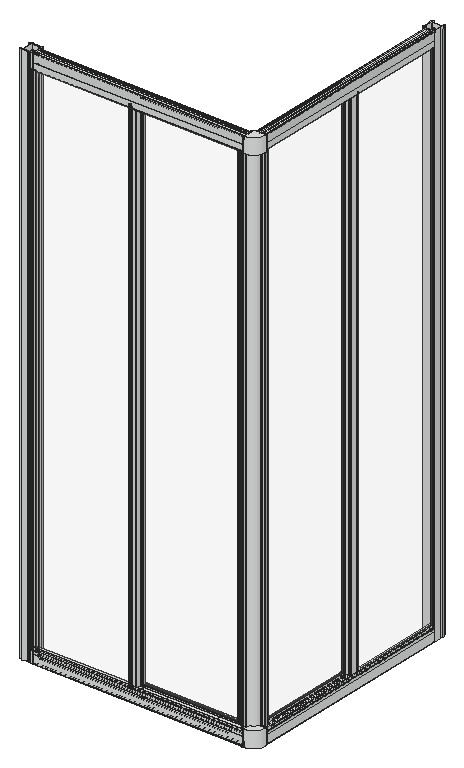
Revit family "Shower-Shower_Door-KOHLER-ODEON-K-17117T_1", category Specialty Equipment, host Face, Revit 2017 (continued)
Definition of nested family "K-17117T"
  Forms (in)
    Extrusion 20, solid, material <- "Material", detail levels medium+fine
      sketch origin (-33.07619, -0.88728, 0) x (-1, 0, 0) y (0, -1, 0)
        loop
          arc (-3.01732, -1.1886) -> (-3.00208, -1.19491) -> (-2.99577, -1.21014) r 0.02155
          line (-2.99577, -1.21014) -> (-2.99577, -1.32189)
          arc (-2.99577, -1.32189) -> (-3.0017, -1.33621) -> (-3.01602, -1.34214) r 0.02025
          line (-3.01602, -1.34214) -> (-3.31737, -1.34214)
          arc (-3.31737, -1.34214) -> (-3.35276, -1.33704) -> (-3.38527, -1.32216) r 0.12538
          arc (-3.38527, -1.32216) -> (-3.36904, -1.39363) -> (-3.33141, -1.45653) r 0.233
          arc (-3.33141, -1.45653) -> (-3.31597, -1.46068) -> (-3.30679, -1.44759) r 0.01393
          line (-3.30679, -1.44759) -> (-3.30679, -1.39971)
          arc (-3.30679, -1.39971) -> (-3.30031, -1.38406) -> (-3.28466, -1.37757) r 0.02214
          line (-3.28466, -1.37757) -> (-3.22599, -1.37757) -> (-3.24631, -1.42861) -> (-3.18475, -1.37757) -> (-3.13357, -1.37757) -> (-3.15296, -1.42629) -> (-3.0942, -1.37757) -> (-3.04489, -1.37757) -> (-3.0652, -1.42861) -> (-3.00365, -1.37757) -> (-2.96034, -1.37757) -> (-2.96034, -1.15316)
      from 1.48425 to 71.33858
    Extrusion 21, solid, material <- "Material", detail levels medium+fine
      sketch origin (-1.62598, 13.73731, 0) x (0, -1, 0) y (1, 0, 0)
        loop
          line (-2.96034, 1.15316) -> (-2.96034, 1.37757) -> (-3.00365, 1.37757) -> (-3.0652, 1.42861) -> (-3.04489, 1.37757) -> (-3.0942, 1.37757) -> (-3.15296, 1.42629) -> (-3.13357, 1.37757) -> (-3.18475, 1.37757) -> (-3.24631, 1.42861) -> (-3.22599, 1.37757) -> (-3.28466, 1.37757)
          arc (-3.28466, 1.37757) -> (-3.30031, 1.38406) -> (-3.30679, 1.39971) r 0.02214
          line (-3.30679, 1.39971) -> (-3.30679, 1.44759)
          arc (-3.30679, 1.44759) -> (-3.31597, 1.46068) -> (-3.33141, 1.45653) r 0.01393
          arc (-3.33141, 1.45653) -> (-3.36904, 1.39363) -> (-3.38527, 1.32216) r 0.233
          arc (-3.38527, 1.32216) -> (-3.35276, 1.33704) -> (-3.31737, 1.34214) r 0.12538
          line (-3.31737, 1.34214) -> (-3.01602, 1.34214)
          arc (-3.01602, 1.34214) -> (-3.0017, 1.33621) -> (-2.99577, 1.32189) r 0.02025
          line (-2.99577, 1.32189) -> (-2.99577, 1.21014)
          arc (-2.99577, 1.21014) -> (-3.00208, 1.19491) -> (-3.01732, 1.1886) r 0.02155
          line (-3.01732, 1.1886) -> (-3.31737, 1.1886)
          arc (-3.31737, 1.1886) -> (-3.35276, 1.19369) -> (-3.38527, 1.20857) r 0.12538
          arc (-3.38527, 1.20857) -> (-3.36904, 1.1371) -> (-3.33141, 1.0742) r 0.233
          arc (-3.33141, 1.0742) -> (-3.31597, 1.07005) -> (-3.30679, 1.08315) r 0.01393
          line (-3.30679, 1.08315) -> (-3.30679, 1.13103)
          arc (-3.30679, 1.13103) -> (-3.30031, 1.14668) -> (-3.28466, 1.15316) r 0.02214
          line (-3.28466, 1.15316) -> (-3.22599, 1.15316) -> (-3.24631, 1.10213) -> (-3.18475, 1.15316) -> (-3.13357, 1.15316) -> (-3.15296, 1.10444) -> (-3.0942, 1.15316) -> (-3.04489, 1.15316) -> (-3.0652, 1.10213) -> (-3.00365, 1.15316) -> (-2.96034, 1.15316)
      from 1.48425 to 71.33858
    Extrusion 22, solid
      sketch origin (-1.62531, 13.73731, 0) x (0, -1, 0) y (1, 0, 0)
        loop
          line (-16.32254, 1.34411) -> (-16.36191, 1.30474) -> (-16.36191, 1.226) -> (-16.32254, 1.18663) -> (-3.03514, 1.18663) -> (-2.99577, 1.226) -> (-2.99577, 1.30474) -> (-3.03514, 1.34411) -> (-16.32254, 1.34411)
      from 1.48354 to 71.34646
    Extrusion 23, solid, material <- "Material", detail levels medium+fine
      sketch origin (0.90598, 33.09491, 0) x (0, 1, 0) y (-1, 0, 0)
        loop
          line (-2.96034, 1.15316) -> (-2.96034, 1.37757) -> (-3.00365, 1.37757) -> (-3.0652, 1.42861) -> (-3.04489, 1.37757) -> (-3.0942, 1.37757) -> (-3.15296, 1.42629) -> (-3.13357, 1.37757) -> (-3.18475, 1.37757) -> (-3.24631, 1.42861) -> (-3.22599, 1.37757) -> (-3.28466, 1.37757)
          arc (-3.28466, 1.37757) -> (-3.30031, 1.38406) -> (-3.30679, 1.39971) r 0.02214
          line (-3.30679, 1.39971) -> (-3.30679, 1.44759)
          arc (-3.30679, 1.44759) -> (-3.31597, 1.46068) -> (-3.33141, 1.45653) r 0.01393
          arc (-3.33141, 1.45653) -> (-3.36904, 1.39363) -> (-3.38527, 1.32216) r 0.233
          arc (-3.38527, 1.32216) -> (-3.35276, 1.33704) -> (-3.31737, 1.34214) r 0.12538
          line (-3.31737, 1.34214) -> (-3.01602, 1.34214)
          arc (-3.01602, 1.34214) -> (-3.0017, 1.33621) -> (-2.99577, 1.32189) r 0.02025
          line (-2.99577, 1.32189) -> (-2.99577, 1.21014)
          arc (-2.99577, 1.21014) -> (-3.00208, 1.19491) -> (-3.01732, 1.1886) r 0.02155
          line (-3.01732, 1.1886) -> (-3.31737, 1.1886)
          arc (-3.31737, 1.1886) -> (-3.35276, 1.19369) -> (-3.38527, 1.20857) r 0.12538
          arc (-3.38527, 1.20857) -> (-3.36904, 1.1371) -> (-3.33141, 1.0742) r 0.233
          arc (-3.33141, 1.0742) -> (-3.31597, 1.07005) -> (-3.30679, 1.08315) r 0.01393
          line (-3.30679, 1.08315) -> (-3.30679, 1.13103)
          arc (-3.30679, 1.13103) -> (-3.30031, 1.14668) -> (-3.28466, 1.15316) r 0.02214
          line (-3.28466, 1.15316) -> (-3.22599, 1.15316) -> (-3.24631, 1.10213) -> (-3.18475, 1.15316) -> (-3.13357, 1.15316) -> (-3.15296, 1.10444) -> (-3.0942, 1.15316) -> (-3.04489, 1.15316) -> (-3.0652, 1.10213) -> (-3.00365, 1.15316) -> (-2.96034, 1.15316)
      from 1.48425 to 71.33858
    Extrusion 24, solid, material <- "Material", detail levels medium+fine
      sketch origin (-2.51259, 0.01881, 0) x (0, -1, 0) y (1, 0, 0)
        loop
          line (-2.96034, 1.15316) -> (-2.96034, 1.37757) -> (-3.00365, 1.37757) -> (-3.0652, 1.42861) -> (-3.04489, 1.37757) -> (-3.0942, 1.37757) -> (-3.15296, 1.42629) -> (-3.13357, 1.37757) -> (-3.18475, 1.37757) -> (-3.24631, 1.42861) -> (-3.22599, 1.37757) -> (-3.28466, 1.37757)
          arc (-3.28466, 1.37757) -> (-3.30031, 1.38406) -> (-3.30679, 1.39971) r 0.02214
          line (-3.30679, 1.39971) -> (-3.30679, 1.44759)
          arc (-3.30679, 1.44759) -> (-3.31597, 1.46068) -> (-3.33141, 1.45653) r 0.01393
          arc (-3.33141, 1.45653) -> (-3.36904, 1.39363) -> (-3.38527, 1.32216) r 0.233
          arc (-3.38527, 1.32216) -> (-3.35276, 1.33704) -> (-3.31737, 1.34214) r 0.12538
          line (-3.31737, 1.34214) -> (-3.01602, 1.34214)
          arc (-3.01602, 1.34214) -> (-3.0017, 1.33621) -> (-2.99577, 1.32189) r 0.02025
          line (-2.99577, 1.32189) -> (-2.99577, 1.21014)
          arc (-2.99577, 1.21014) -> (-3.00208, 1.19491) -> (-3.01732, 1.1886) r 0.02155
          line (-3.01732, 1.1886) -> (-3.31737, 1.1886)
          arc (-3.31737, 1.1886) -> (-3.35276, 1.19369) -> (-3.38527, 1.20857) r 0.12538
          arc (-3.38527, 1.20857) -> (-3.36904, 1.1371) -> (-3.33141, 1.0742) r 0.233
          arc (-3.33141, 1.0742) -> (-3.31597, 1.07005) -> (-3.30679, 1.08315) r 0.01393
          line (-3.30679, 1.08315) -> (-3.30679, 1.13103)
          arc (-3.30679, 1.13103) -> (-3.30031, 1.14668) -> (-3.28466, 1.15316) r 0.02214
          line (-3.28466, 1.15316) -> (-3.22599, 1.15316) -> (-3.24631, 1.10213) -> (-3.18475, 1.15316) -> (-3.13357, 1.15316) -> (-3.15296, 1.10444) -> (-3.0942, 1.15316) -> (-3.04489, 1.15316) -> (-3.0652, 1.10213) -> (-3.00365, 1.15316) -> (-2.96034, 1.15316)
      from 1.48425 to 71.53543
    Extrusion 25, solid
      sketch origin (-2.51193, 0.01881, 0) x (0, -1, 0) y (1, 0, 0)
        loop
          line (-16.32254, 1.34411) -> (-16.36191, 1.30474) -> (-16.36191, 1.226) -> (-16.32254, 1.18663) -> (-3.03514, 1.18663) -> (-2.99577, 1.226) -> (-2.99577, 1.30474) -> (-3.03514, 1.34411) -> (-16.32254, 1.34411)
      from 1.48425 to 71.53543
    Extrusion 26, solid, material <- "Material", detail levels medium+fine
      sketch origin (0.01911, 19.37641, 0) x (0, 1, 0) y (-1, 0, 0)
        loop
          line (-2.96034, 1.15316) -> (-2.96034, 1.37757) -> (-3.00365, 1.37757) -> (-3.0652, 1.42861) -> (-3.04489, 1.37757) -> (-3.0942, 1.37757) -> (-3.15296, 1.42629) -> (-3.13357, 1.37757) -> (-3.18475, 1.37757) -> (-3.24631, 1.42861) -> (-3.22599, 1.37757) -> (-3.28466, 1.37757)
          arc (-3.28466, 1.37757) -> (-3.30031, 1.38406) -> (-3.30679, 1.39971) r 0.02214
          line (-3.30679, 1.39971) -> (-3.30679, 1.44759)
          arc (-3.30679, 1.44759) -> (-3.31597, 1.46068) -> (-3.33141, 1.45653) r 0.01393
          arc (-3.33141, 1.45653) -> (-3.36904, 1.39363) -> (-3.38527, 1.32216) r 0.233
          arc (-3.38527, 1.32216) -> (-3.35276, 1.33704) -> (-3.31737, 1.34214) r 0.12538
          line (-3.31737, 1.34214) -> (-3.01602, 1.34214)
          arc (-3.01602, 1.34214) -> (-3.0017, 1.33621) -> (-2.99577, 1.32189) r 0.02025
          line (-2.99577, 1.32189) -> (-2.99577, 1.21014)
          arc (-2.99577, 1.21014) -> (-3.00208, 1.19491) -> (-3.01732, 1.1886) r 0.02155
          line (-3.01732, 1.1886) -> (-3.31737, 1.1886)
          arc (-3.31737, 1.1886) -> (-3.35276, 1.19369) -> (-3.38527, 1.20857) r 0.12538
          arc (-3.38527, 1.20857) -> (-3.36904, 1.1371) -> (-3.33141, 1.0742) r 0.233
          arc (-3.33141, 1.0742) -> (-3.31597, 1.07005) -> (-3.30679, 1.08315) r 0.01393
          line (-3.30679, 1.08315) -> (-3.30679, 1.13103)
          arc (-3.30679, 1.13103) -> (-3.30031, 1.14668) -> (-3.28466, 1.15316) r 0.02214
          line (-3.28466, 1.15316) -> (-3.22599, 1.15316) -> (-3.24631, 1.10213) -> (-3.18475, 1.15316) -> (-3.13357, 1.15316) -> (-3.15296, 1.10444) -> (-3.0942, 1.15316) -> (-3.04489, 1.15316) -> (-3.0652, 1.10213) -> (-3.00365, 1.15316) -> (-2.96034, 1.15316)
      from 1.48354 to 71.53543
    Extrusion 27, solid, material <- "Material", detail levels medium+fine
      sketch origin (0, 0, 0) x (0, 1, 0) y (0, 0, 1)
        loop
          line (1.39923, 1.88976) -> (1.43466, 1.88976) -> (1.39923, 1.82839) -> (1.43466, 1.82839) -> (1.39923, 1.76702) -> (1.43466, 1.76702) -> (1.39923, 1.70565) -> (1.43466, 1.70565) -> (1.39923, 1.64428) -> (1.43506, 1.64428) -> (1.43506, 1.59414)
          arc (1.43506, 1.59414) -> (1.42193, 1.56318) -> (1.39055, 1.55109) r 0.04307
          arc (1.39055, 1.55109) -> (1.37504, 1.57259) -> (1.35579, 1.59081) r 0.14136
          arc (1.35579, 1.59081) -> (1.31297, 1.58464) -> (1.32101, 1.54213) r 0.02994
          arc (1.32101, 1.54213) -> (1.26837, 1.39786) -> (1.21675, 1.54251) r 0.08163
          arc (1.21675, 1.54251) -> (1.22082, 1.58454) -> (1.17878, 1.5886) r 0.02986
          arc (1.17878, 1.5886) -> (1.16144, 1.57162) -> (1.14726, 1.55192) r 0.14136
          arc (1.14726, 1.55192) -> (1.11147, 1.56081) -> (1.09568, 1.59414) r 0.04307
          line (1.09568, 1.59414) -> (1.09568, 1.64428) -> (1.13151, 1.64428) -> (1.09608, 1.70565) -> (1.13151, 1.70565) -> (1.09608, 1.76702) -> (1.13151, 1.76702) -> (1.09608, 1.82839) -> (1.13151, 1.82839) -> (1.09608, 1.88976) -> (1.13151, 1.88976) -> (1.13151, 1.94882) -> (1.07773, 1.94882)
          arc (1.07773, 1.94882) -> (1.05452, 1.93872) -> (1.0461, 1.91486) r 0.03171
          arc (1.0461, 1.91486) -> (1.05658, 1.61964) -> (1.04609, 1.32442) r 4.16144
          arc (1.04609, 1.32442) -> (1.07046, 1.28483) -> (1.11576, 1.29528) r 0.03985
          line (1.11576, 1.29528) -> (1.11576, 1.40956)
          arc (1.11576, 1.40956) -> (1.11907, 1.43513) -> (1.12879, 1.45901) r 0.10035
          arc (1.12879, 1.45901) -> (1.26959, 1.33814) -> (1.40878, 1.46087) r 0.14136
          arc (1.40878, 1.46087) -> (1.41342, 1.4354) -> (1.41497, 1.40956) r 0.21574
          line (1.41497, 1.40956) -> (1.41497, 0.94082)
          arc (1.41497, 0.94082) -> (1.4071, 0.91999) -> (1.38741, 0.90957) r 0.0315
          line (1.38741, 0.90957) -> (1.38741, 0.24003)
          arc (1.38741, 0.24003) -> (1.4071, 0.22962) -> (1.41497, 0.20878) r 0.0315
          line (1.41497, 0.20878) -> (1.41497, 0.16333)
          arc (1.41497, 0.16333) -> (1.45041, 0.1279) -> (1.48584, 0.16333) r 0.03543
          line (1.48584, 0.16333) -> (1.48584, 1.30808)
          arc (1.48584, 1.30808) -> (1.47416, 1.61145) -> (1.48464, 1.91486) r 4.16144
          arc (1.48464, 1.91486) -> (1.47621, 1.93872) -> (1.45301, 1.94882) r 0.03171
          line (1.45301, 1.94882) -> (1.39923, 1.94882) -> (1.39923, 1.88976)
      from -16.17722 to -3.24183
    Extrusion 28, solid, material <- "Material", detail levels medium+fine
      sketch origin (0.01881, 0, 0) x (-1, 0, 0) y (0, 0, -1)
        loop
          line (1.39923, -1.88976) -> (1.39923, -1.94882) -> (1.45301, -1.94882)
          arc (1.45301, -1.94882) -> (1.47621, -1.93872) -> (1.48464, -1.91486) r 0.03171
          arc (1.48464, -1.91486) -> (1.47416, -1.61145) -> (1.48584, -1.30808) r 4.16144
          line (1.48584, -1.30808) -> (1.48584, -0.16333)
          arc (1.48584, -0.16333) -> (1.45041, -0.1279) -> (1.41497, -0.16333) r 0.03543
          line (1.41497, -0.16333) -> (1.41497, -0.20878)
          arc (1.41497, -0.20878) -> (1.4071, -0.22962) -> (1.38741, -0.24003) r 0.0315
          line (1.38741, -0.24003) -> (1.38741, -0.90957)
          arc (1.38741, -0.90957) -> (1.4071, -0.91999) -> (1.41497, -0.94082) r 0.0315
          line (1.41497, -0.94082) -> (1.41497, -1.40956)
          arc (1.41497, -1.40956) -> (1.41342, -1.4354) -> (1.40878, -1.46087) r 0.21574
          arc (1.40878, -1.46087) -> (1.26959, -1.33814) -> (1.12879, -1.45901) r 0.14136
          arc (1.12879, -1.45901) -> (1.11907, -1.43513) -> (1.11576, -1.40956) r 0.10035
          line (1.11576, -1.40956) -> (1.11576, -1.29528)
          arc (1.11576, -1.29528) -> (1.07046, -1.28483) -> (1.04609, -1.32442) r 0.03985
          arc (1.04609, -1.32442) -> (1.05658, -1.61964) -> (1.0461, -1.91486) r 4.16144
          arc (1.0461, -1.91486) -> (1.05452, -1.93872) -> (1.07773, -1.94882) r 0.03171
          line (1.07773, -1.94882) -> (1.13151, -1.94882) -> (1.13151, -1.88976) -> (1.09608, -1.88976) -> (1.13151, -1.82839) -> (1.09608, -1.82839) -> (1.13151, -1.76702) -> (1.09608, -1.76702) -> (1.13151, -1.70565) -> (1.09608, -1.70565) -> (1.13151, -1.64428) -> (1.09568, -1.64428) -> (1.09568, -1.59414)
          arc (1.09568, -1.59414) -> (1.11147, -1.56081) -> (1.14726, -1.55192) r 0.04307
          arc (1.14726, -1.55192) -> (1.16144, -1.57162) -> (1.17878, -1.5886) r 0.14136
          arc (1.17878, -1.5886) -> (1.22082, -1.58454) -> (1.21675, -1.54251) r 0.02986
          arc (1.21675, -1.54251) -> (1.26837, -1.39786) -> (1.32101, -1.54213) r 0.08163
          arc (1.32101, -1.54213) -> (1.31297, -1.58464) -> (1.35579, -1.59081) r 0.02994
          arc (1.35579, -1.59081) -> (1.37504, -1.57259) -> (1.39055, -1.55109) r 0.14136
          arc (1.39055, -1.55109) -> (1.42193, -1.56318) -> (1.43506, -1.59414) r 0.04307
          line (1.43506, -1.59414) -> (1.43506, -1.64428) -> (1.39923, -1.64428) -> (1.43466, -1.70565) -> (1.39923, -1.70565) -> (1.43466, -1.76702) -> (1.39923, -1.76702) -> (1.43466, -1.82839) -> (1.39923, -1.82839) -> (1.43466, -1.88976) -> (1.39923, -1.88976)
      from -16.11335 to -3.3197
    Extrusion 29, solid, material <- "Material"
      sketch origin (0, 0, -70.78663) x (0, -1, 0) y (1, 0, 0)
        loop
          line (-1.72324, -1.24971) -> (-1.72324, -1.36991)
          arc (-1.72324, -1.36991) -> (-1.71595, -1.3875) -> (-1.69836, -1.39479) r 0.02488
          line (-1.69836, -1.39479) -> (-1.6445, -1.39479)
          arc (-1.6445, -1.39479) -> (-1.48123, -1.46242) -> (-1.4136, -1.62569) r 0.2309
          line (-1.4136, -1.62569) -> (-1.4136, -1.68081)
          arc (-1.4136, -1.68081) -> (-1.40668, -1.69751) -> (-1.38998, -1.70443) r 0.02362
          line (-1.38998, -1.70443) -> (-1.26852, -1.70443) -> (-1.26852, -1.62569) -> (-0.06147, -1.62569) -> (-0.06147, -1.70443) -> (-0.0277, -1.70443)
          arc (-0.0277, -1.70443) -> (-0.00685, -1.69598) -> (0.00223, -1.67539) r 0.02994
          arc (0.00223, -1.67539) -> (-0.48184, -0.45847) -> (-1.70065, 0.02083) r 1.64748
          arc (-1.70065, 0.02083) -> (-1.71533, 0.01431) -> (-1.72134, -0.00058) r 0.02142
          line (-1.72134, -0.00058) -> (-1.72134, -0.03958) -> (-1.6445, -0.03958) -> (-1.6445, -1.24971) -> (-1.72324, -1.24971)
      from 70.78663 to 72.83465
    Extrusion 30, solid, material <- "Material", detail levels medium+fine
      sketch origin (0, 0, 0) x (0, 1, 0) y (0, 0, 1)
        loop
          line (1.43741, 72.38583) -> (0.89033, 72.38583)
          arc (0.89033, 72.38583) -> (0.84011, 72.36502) -> (0.8193, 72.3148) r 0.07103
          line (0.8193, 72.3148) -> (0.8193, 72.00787)
          arc (0.8193, 72.00787) -> (0.8443, 71.98287) -> (0.8693, 72.00787) r 0.025
          line (0.8693, 72.00787) -> (0.8693, 72.30433)
          arc (0.8693, 72.30433) -> (0.87853, 72.3266) -> (0.9008, 72.33583) r 0.0315
          line (0.9008, 72.33583) -> (1.42678, 72.33583)
          arc (1.42678, 72.33583) -> (1.46854, 72.31853) -> (1.48584, 72.27677) r 0.05906
          line (1.48584, 72.27677) -> (1.48584, 71.55118) -> (1.41104, 71.55118) -> (1.41104, 71.50118) -> (1.53584, 71.50118) -> (1.53584, 72.2874)
          arc (1.53584, 72.2874) -> (1.50701, 72.357) -> (1.43741, 72.38583) r 0.09843
      from -16.05679 to -3.30709
    Extrusion 31, solid, material <- "Material", detail levels medium+fine
      sketch origin (0, 0, 0) x (1, 0, 0) y (0, 0, 1)
        loop
          arc (-1.41861, 72.38583) -> (-1.4882, 72.357) -> (-1.51703, 72.2874) r 0.09843
          line (-1.51703, 72.2874) -> (-1.51703, 71.50118) -> (-1.39223, 71.50118) -> (-1.39223, 71.55118) -> (-1.46703, 71.55118) -> (-1.46703, 72.27677)
          arc (-1.46703, 72.27677) -> (-1.44973, 72.31853) -> (-1.40798, 72.33583) r 0.05906
          line (-1.40798, 72.33583) -> (-0.88199, 72.33583)
          arc (-0.88199, 72.33583) -> (-0.85972, 72.3266) -> (-0.8505, 72.30433) r 0.0315
          line (-0.8505, 72.30433) -> (-0.8505, 72.00787)
          arc (-0.8505, 72.00787) -> (-0.8255, 71.98287) -> (-0.8005, 72.00787) r 0.025
          line (-0.8005, 72.00787) -> (-0.8005, 72.3148)
          arc (-0.8005, 72.3148) -> (-0.8213, 72.36502) -> (-0.87152, 72.38583) r 0.07103
          line (-0.87152, 72.38583) -> (-1.41861, 72.38583)
      from -3.3197 to -15.9949
    Extrusion 32, solid, material <- "Material", detail levels medium+fine
      sketch origin (0, 0, 0) x (0, 1, 0) y (0, 0, 1)
        loop
          arc (1.43741, 0.44417) -> (1.50701, 0.473) -> (1.53584, 0.5426) r 0.09843
          line (1.53584, 0.5426) -> (1.53584, 1.32882) -> (1.41104, 1.32882) -> (1.41104, 1.27882) -> (1.48584, 1.27882) -> (1.48584, 0.55323)
          arc (1.48584, 0.55323) -> (1.46854, 0.51147) -> (1.42678, 0.49417) r 0.05906
          line (1.42678, 0.49417) -> (0.9008, 0.49417)
          arc (0.9008, 0.49417) -> (0.87853, 0.5034) -> (0.8693, 0.52567) r 0.0315
          line (0.8693, 0.52567) -> (0.8693, 0.82213)
          arc (0.8693, 0.82213) -> (0.8443, 0.84713) -> (0.8193, 0.82213) r 0.025
          line (0.8193, 0.82213) -> (0.8193, 0.5152)
          arc (0.8193, 0.5152) -> (0.84011, 0.46498) -> (0.89033, 0.44417) r 0.07103
          line (0.89033, 0.44417) -> (1.43741, 0.44417)
      from -16.17722 to -3.24183
    Extrusion 33, solid, material <- "Material", detail levels medium+fine
      sketch origin (0, 0, 0) x (1, 0, 0) y (0, 0, 1)
        loop
          line (-1.41861, 0.44417) -> (-0.87152, 0.44417)
          arc (-0.87152, 0.44417) -> (-0.8213, 0.46498) -> (-0.8005, 0.5152) r 0.07103
          line (-0.8005, 0.5152) -> (-0.8005, 0.82213)
          arc (-0.8005, 0.82213) -> (-0.8255, 0.84713) -> (-0.8505, 0.82213) r 0.025
          line (-0.8505, 0.82213) -> (-0.8505, 0.52567)
          arc (-0.8505, 0.52567) -> (-0.85972, 0.5034) -> (-0.88199, 0.49417) r 0.0315
          line (-0.88199, 0.49417) -> (-1.40798, 0.49417)
          arc (-1.40798, 0.49417) -> (-1.44973, 0.51147) -> (-1.46703, 0.55323) r 0.05906
          line (-1.46703, 0.55323) -> (-1.46703, 1.27882) -> (-1.39223, 1.27882) -> (-1.39223, 1.32882) -> (-1.51703, 1.32882) -> (-1.51703, 0.5426)
          arc (-1.51703, 0.5426) -> (-1.4882, 0.473) -> (-1.41861, 0.44417) r 0.09843
      from -16.11335 to -3.3197
    Extrusion 34, solid, material <- "Material", detail levels coarse
      sketch origin (0, 0, 0) x (0, 1, 0) y (0, 0, 1)
        loop
          line (0.07602, 72.83465) -> (0.07602, 70.79114) -> (1.36986, 70.79114) -> (1.36986, 72.83465) -> (0.07602, 72.83465)
      from -29.77591 to -1.62569
    Extrusion 35, solid, material <- "Material", detail levels coarse
      sketch origin (0.0182, 0.03062, 0) x (0, -1, 0) y (1, 0, 0)
        loop
          line (-1.57845, -29.84332) -> (-0.09026, -29.84332) -> (-0.09026, -31.21825)
          arc (-0.09026, -31.21825) -> (-0.05385, -31.25358) -> (-0.01962, -31.21613) r 0.03535
          line (-0.01962, -31.21613) -> (-0.01962, -29.84829)
          arc (-0.01962, -29.84829) -> (-0.02344, -29.81149) -> (-0.0561, -29.79411) r 0.03937
          line (-0.0561, -29.79411) -> (-1.61261, -29.79411)
          arc (-1.61261, -29.79411) -> (-1.64137, -29.80659) -> (-1.65189, -29.83613) r 0.03937
          line (-1.65189, -29.83613) -> (-1.65189, -31.21825)
          arc (-1.65189, -31.21825) -> (-1.61517, -31.25497) -> (-1.57845, -31.21825) r 0.03672
          line (-1.57845, -31.21825) -> (-1.57845, -29.84332)
        loop
          line (-0.15916, -31.14056) -> (-1.48593, -31.14056)
          arc (-1.48593, -31.14056) -> (-1.49985, -31.1348) -> (-1.50561, -31.12088) r 0.01969
          line (-1.50561, -31.12088) -> (-1.50561, -30.16123)
          arc (-1.50561, -30.16123) -> (-1.53022, -30.13663) -> (-1.55483, -30.16123) r 0.02461
          line (-1.55483, -30.16123) -> (-1.55483, -31.5136)
          arc (-1.55483, -31.5136) -> (-1.53022, -31.5382) -> (-1.50561, -31.5136) r 0.02461
          line (-1.50561, -31.5136) -> (-1.50561, -31.20946)
          arc (-1.50561, -31.20946) -> (-1.49985, -31.19554) -> (-1.48593, -31.18978) r 0.01969
          line (-1.48593, -31.18978) -> (-0.15916, -31.18978)
          arc (-0.15916, -31.18978) -> (-0.14524, -31.19554) -> (-0.13947, -31.20946) r 0.01969
          line (-0.13947, -31.20946) -> (-0.13947, -31.5136)
          arc (-0.13947, -31.5136) -> (-0.12409, -31.52897) -> (-0.10871, -31.5136) r 0.01538
          line (-0.10871, -31.5136) -> (-0.10871, -30.56281)
          arc (-0.10871, -30.56281) -> (-0.12409, -30.54743) -> (-0.13947, -30.56281) r 0.01538
          line (-0.13947, -30.56281) -> (-0.13947, -31.12088)
          arc (-0.13947, -31.12088) -> (-0.14524, -31.1348) -> (-0.15916, -31.14056) r 0.01969
      from 0 to 72.83
    Extrusion 36, solid, material <- "Material", detail levels coarse
      sketch origin (-0.03064, -0.01817, 0) x (0.999999, -0.001002, 0) y (0.001002, 0.999999, 0)
        loop
          line (-1.57845, 29.84332) -> (-1.57845, 31.21825)
          arc (-1.57845, 31.21825) -> (-1.61517, 31.25497) -> (-1.65189, 31.21825) r 0.03672
          line (-1.65189, 31.21825) -> (-1.65189, 29.83613)
          arc (-1.65189, 29.83613) -> (-1.64137, 29.80659) -> (-1.61261, 29.79411) r 0.03937
          line (-1.61261, 29.79411) -> (-0.0561, 29.79411)
          arc (-0.0561, 29.79411) -> (-0.02344, 29.81149) -> (-0.01962, 29.84829) r 0.03937
          line (-0.01962, 29.84829) -> (-0.01962, 31.21613)
          arc (-0.01962, 31.21613) -> (-0.05385, 31.25358) -> (-0.09026, 31.21825) r 0.03535
          line (-0.09026, 31.21825) -> (-0.09026, 29.84332) -> (-1.57845, 29.84332)
        loop
          arc (-0.15916, 31.14056) -> (-0.14524, 31.1348) -> (-0.13947, 31.12088) r 0.01969
          line (-0.13947, 31.12088) -> (-0.13947, 30.56281)
          arc (-0.13947, 30.56281) -> (-0.12409, 30.54743) -> (-0.10871, 30.56281) r 0.01538
          line (-0.10871, 30.56281) -> (-0.10871, 31.5136)
          arc (-0.10871, 31.5136) -> (-0.12409, 31.52897) -> (-0.13947, 31.5136) r 0.01538
          line (-0.13947, 31.5136) -> (-0.13947, 31.20946)
          arc (-0.13947, 31.20946) -> (-0.14524, 31.19554) -> (-0.15916, 31.18978) r 0.01969
          line (-0.15916, 31.18978) -> (-1.48593, 31.18978)
          arc (-1.48593, 31.18978) -> (-1.49985, 31.19554) -> (-1.50561, 31.20946) r 0.01969
          line (-1.50561, 31.20946) -> (-1.50561, 31.5136)
          arc (-1.50561, 31.5136) -> (-1.53022, 31.5382) -> (-1.55483, 31.5136) r 0.02461
          line (-1.55483, 31.5136) -> (-1.55483, 30.16123)
          arc (-1.55483, 30.16123) -> (-1.53022, 30.13663) -> (-1.50561, 30.16123) r 0.02461
          line (-1.50561, 30.16123) -> (-1.50561, 31.12088)
          arc (-1.50561, 31.12088) -> (-1.49985, 31.1348) -> (-1.48593, 31.14056) r 0.01969
          line (-1.48593, 31.14056) -> (-0.15916, 31.14056)
      from 0 to 72.83
    Extrusion 37, solid, material <- "Material", detail levels coarse
      sketch origin (0.80621, 0, 72.83) x (-1, 0, 0) y (0, 0, -1)
        loop
          line (0.80731, 72.83) -> (0.80731, 70.78199) -> (2.44782, 70.78199) -> (2.44782, 72.83) -> (0.80731, 72.83)
      from -29.77591 to -1.60907
    Extrusion 38, solid, material <- "Material", detail levels coarse
      sketch origin (0, 2.44672, 72.83) x (0, -1, 0) y (0, 0, -1)
        loop
          line (0.80731, 72.83) -> (0.80731, 70.78199) -> (2.44782, 70.78199) -> (2.44782, 72.83) -> (0.80731, 72.83)
      from -29.77591 to -1.60907
    Extrusion 39, solid, material <- "Material", detail levels coarse
      sketch origin (-1.37056, 0, 0) x (1, 0, 0) y (0, 0, 1)
        loop
          line (0.07602, 72.83465) -> (0.07602, 70.79114) -> (1.36986, 70.79114) -> (1.36986, 72.83465) -> (0.07602, 72.83465)
      from -29.77591 to -1.62569
  Cuts and joins
    joined: Extrusion 15, Extrusion 19, Extrusion 22, Extrusion 25
  Lines and regions (in)
    Masking region 1
      outline origin (0, 0, 0) x (1, 0, 0) y (0, 1, 0)
        loop
          arc (-1.49774, 31.18978) -> (-1.51166, 31.19554) -> (-1.51742, 31.20946) r 0.01969
          line (-1.51742, 31.20946) -> (-1.51742, 31.5136)
          arc (-1.51742, 31.5136) -> (-1.54203, 31.5382) -> (-1.56664, 31.5136) r 0.02461
          line (-1.56664, 31.5136) -> (-1.56664, 30.16123) -> (-1.57845, 30.21877) -> (-1.57845, 31.21825)
          arc (-1.57845, 31.21825) -> (-1.61486, 31.25358) -> (-1.64909, 31.21613) r 0.03535
          arc (-1.64909, 31.21613) -> (-1.63564, 30.93421) -> (-1.62902, 30.65204) r 11.65033
          arc (-1.62902, 30.65204) -> (-1.63243, 30.24386) -> (-1.65189, 29.83613) r 10.37372
          arc (-1.65189, 29.83613) -> (-1.64137, 29.80659) -> (-1.61261, 29.79411) r 0.03937
          line (-1.61261, 29.79411) -> (-1.31132, 29.79411) -> (-1.31132, 17.12678) -> (-1.42983, 17.12678)
          arc (-1.42983, 17.12678) -> (-1.45266, 17.11716) -> (-1.4617, 17.09409) r 0.03189
          arc (-1.4617, 17.09409) -> (-1.45565, 16.60304) -> (-1.46242, 16.112) r 18.79373
          arc (-1.46242, 16.112) -> (-1.45524, 16.08917) -> (-1.43554, 16.0756) r 0.03676
          line (-1.43554, 16.0756) -> (-1.51703, 16.0756) -> (-1.51703, 3.3197) -> (-1.78994, 3.3197)
          arc (-1.78994, 3.3197) -> (-1.80539, 3.33316) -> (-1.8253, 3.33801) r 0.04331
          line (-1.8253, 3.33801) -> (-1.89604, 3.33801)
          arc (-1.89604, 3.33801) -> (-1.93935, 3.2947) -> (-1.89604, 3.25139) r 0.04331
          line (-1.89604, 3.25139) -> (-1.8253, 3.25139)
          arc (-1.8253, 3.25139) -> (-1.80527, 3.2563) -> (-1.78979, 3.26991) r 0.04331
          line (-1.78979, 3.26991) -> (-1.51349, 3.26991) -> (-1.51349, 1.89085)
          arc (-1.51349, 1.89085) -> (-1.50764, 1.87673) -> (-1.49351, 1.87088) r 0.01998
          line (-1.49351, 1.87088) -> (-1.29974, 1.87088) -> (-1.29974, 1.72324) -> (-1.36988, 1.72324)
          arc (-1.36988, 1.72324) -> (-1.3875, 1.71595) -> (-1.39479, 1.69833) r 0.02491
          line (-1.39479, 1.69833) -> (-1.39479, 1.6445)
          arc (-1.39479, 1.6445) -> (-1.46242, 1.48123) -> (-1.62569, 1.4136) r 0.2309
          line (-1.62569, 1.4136) -> (-1.6748, 1.4136)
          arc (-1.6748, 1.4136) -> (-1.69575, 1.40492) -> (-1.70443, 1.38397) r 0.02963
          line (-1.70443, 1.38397) -> (-1.70443, 1.31855) -> (-1.85207, 1.31855) -> (-1.85207, 1.51611)
          arc (-1.85207, 1.51611) -> (-1.85792, 1.53023) -> (-1.87205, 1.53608) r 0.01998
          line (-1.87205, 1.53608) -> (-3.25089, 1.53608) -> (-3.25089, 1.81253)
          arc (-3.25089, 1.81253) -> (-3.23743, 1.82798) -> (-3.23258, 1.84789) r 0.04331
          line (-3.23258, 1.84789) -> (-3.23258, 1.91864)
          arc (-3.23258, 1.91864) -> (-3.27589, 1.96195) -> (-3.3192, 1.91864) r 0.04331
          line (-3.3192, 1.91864) -> (-3.3192, 1.84789)
          arc (-3.3192, 1.84789) -> (-3.31435, 1.82798) -> (-3.30089, 1.81253) r 0.04331
          line (-3.30089, 1.81253) -> (-3.30089, 1.53963) -> (-16.05679, 1.53963) -> (-16.05679, 1.45813)
          arc (-16.05679, 1.45813) -> (-16.07037, 1.47784) -> (-16.09319, 1.48502) r 0.03676
          arc (-16.09319, 1.48502) -> (-16.58423, 1.47824) -> (-17.07528, 1.4843) r 18.79373
          arc (-17.07528, 1.4843) -> (-17.09835, 1.47526) -> (-17.10798, 1.45242) r 0.03189
          line (-17.10798, 1.45242) -> (-17.10798, 1.32234) -> (-29.7753, 1.32234) -> (-29.7753, 1.63521)
          arc (-29.7753, 1.63521) -> (-29.78778, 1.66397) -> (-29.81732, 1.67449) r 0.03937
          arc (-29.81732, 1.67449) -> (-30.22505, 1.65503) -> (-30.63323, 1.65162) r 10.37372
          arc (-30.63323, 1.65162) -> (-30.9154, 1.65824) -> (-31.19733, 1.67169) r 11.65033
          arc (-31.19733, 1.67169) -> (-31.23477, 1.63745) -> (-31.19944, 1.60104) r 0.03535
          line (-31.19944, 1.60104) -> (-30.54868, 1.60104) -> (-30.47269, 1.58545) -> (-31.49479, 1.58545)
          arc (-31.49479, 1.58545) -> (-31.51939, 1.56084) -> (-31.49479, 1.53623) r 0.02461
          line (-31.49479, 1.53623) -> (-31.19065, 1.53623)
          arc (-31.19065, 1.53623) -> (-31.17673, 1.53047) -> (-31.17097, 1.51655) r 0.01969
          line (-31.17097, 1.51655) -> (-31.17097, 0.19356)
          arc (-31.17097, 0.19356) -> (-31.17673, 0.17964) -> (-31.19065, 0.17388) r 0.01969
          line (-31.19065, 0.17388) -> (-31.49479, 0.17388)
          arc (-31.49479, 0.17388) -> (-31.51939, 0.14927) -> (-31.49479, 0.12467) r 0.02461
          line (-31.49479, 0.12467) -> (-30.544, 0.12467) -> (-30.58808, 0.11286) -> (-31.19944, 0.11286)
          arc (-31.19944, 0.11286) -> (-31.23477, 0.07645) -> (-31.19733, 0.04221) r 0.03535
          arc (-31.19733, 0.04221) -> (-30.9154, 0.05566) -> (-30.63323, 0.06228) r 11.65033
          arc (-30.63323, 0.06228) -> (-30.22505, 0.05887) -> (-29.81732, 0.03941) r 10.37372
          arc (-29.81732, 0.03941) -> (-29.79579, 0.04302) -> (-29.7782, 0.05593) r 0.04716
          line (-29.7782, 0.05593) -> (-1.70474, 0.05593) -> (-1.70474, 0) -> (-1.64748, 0)
          arc (-1.64748, 0) -> (-0.48254, 0.48254) -> (0, 1.64748) r 1.64748
          line (0, 1.64748) -> (0, 1.72355) -> (-0.03712, 1.72355) -> (-0.03712, 29.79411)
          arc (-0.03712, 29.79411) -> (-0.02141, 29.81243) -> (-0.01681, 29.83613) r 0.04716
          arc (-0.01681, 29.83613) -> (-0.03628, 30.24386) -> (-0.03968, 30.65204) r 10.37372
          arc (-0.03968, 30.65204) -> (-0.03307, 30.93421) -> (-0.01962, 31.21613) r 11.65033
          arc (-0.01962, 31.21613) -> (-0.05385, 31.25358) -> (-0.09026, 31.21825) r 0.03535
          line (-0.09026, 31.21825) -> (-0.09026, 30.60689) -> (-0.10207, 30.56281) -> (-0.10207, 31.5136)
          arc (-0.10207, 31.5136) -> (-0.12668, 31.5382) -> (-0.15128, 31.5136) r 0.02461
          line (-0.15128, 31.5136) -> (-0.15128, 31.20946)
          arc (-0.15128, 31.20946) -> (-0.15705, 31.19554) -> (-0.17097, 31.18978) r 0.01969
          line (-0.17097, 31.18978) -> (-1.49774, 31.18978)
    Masking region 2
      outline origin (0, 0, 0) x (1, 0, 0) y (0, 0, 1)
        loop
          line (-31.52, 72.83) -> (-31.52, 0) -> (0, 0)
          arc (0, 0) -> (0.01513, 0.00434) -> (0.02118, 0.01888) r 0.01815
          arc (0.02118, 0.01888) -> (-0.01663, 0.94678) -> (-0.02924, 1.87536) r 34.20922
          line (-0.02924, 1.87536) -> (-0.02924, 70.773)
          arc (-0.02924, 70.773) -> (-0.02224, 71.78946) -> (-0.00125, 72.80573) r 73.83682
          arc (-0.00125, 72.80573) -> (-0.00793, 72.82285) -> (-0.02486, 72.83) r 0.02362
          line (-0.02486, 72.83) -> (-31.52, 72.83)
    Masking region 3
      outline origin (0, 0, 0) x (0, 1, 0) y (0, 0, 1)
        loop
          line (31.54, 72.83026) -> (0.02361, 72.83026)
          arc (0.02361, 72.83026) -> (0.00668, 72.82311) -> (0, 72.80599) r 0.02362
          arc (0, 72.80599) -> (0.02099, 71.78972) -> (0.02799, 70.77326) r 73.83682
          line (0.02799, 70.77326) -> (0.02799, 1.87562)
          arc (0.02799, 1.87562) -> (0.01538, 0.94704) -> (-0.02243, 0.01914) r 34.20922
          arc (-0.02243, 0.01914) -> (-0.01638, 0.0046) -> (-0.00125, 0.00026) r 0.01815
          line (-0.00125, 0.00026) -> (31.54, 0.00026) -> (31.54, 72.83026)
    symbolic lines, detail levels medium+fine
      curve 1: line (-1.57845, 29.84332, 0) -> (-1.57845, 31.21825, 0)
      curve 2: line (-0.57254, 29.84332, 0) -> (-1.57845, 29.84332, 0)
      curve 3: line (-0.57254, 30.18245, 0) -> (-0.57254, 29.84332, 0)
      curve 4: arc (-0.51404, 30.24096, 0) -> (-0.55541, 30.22382, 0) -> (-0.57254, 30.18245, 0) r 0.05851
      curve 5: line (-0.09026, 30.24096, 0) -> (-0.51404, 30.24096, 0)
      curve 6: line (-0.10207, 31.22718, 0) -> (-0.10207, 30.25671, 0)
      curve 7: line (-0.09026, 31.21825, 0) -> (-0.09026, 30.24096, 0)
      curve 8: line (-0.50004, 30.19175, 0) -> (-0.09421, 30.19175, 0)
      curve 9: arc (-0.52333, 30.16846, 0) -> (-0.51651, 30.18492, 0) -> (-0.50004, 30.19175, 0) r 0.02329
      curve 10: line (-0.52333, 30.09904, 0) -> (-0.52333, 30.16846, 0)
      curve 11: line (-0.48248, 30.09904, 0) -> (-0.52333, 30.09904, 0)
      curve 12: line (-0.52333, 30.04789, 0) -> (-0.48248, 30.09904, 0)
      curve 13: line (-0.48248, 30.04789, 0) -> (-0.52333, 30.04789, 0)
      curve 14: line (-0.52333, 29.99675, 0) -> (-0.48248, 30.04789, 0)
      curve 15: line (-0.52333, 29.99675, 0) -> (-0.48248, 30.04789, 0)
      curve 16: line (-0.48248, 29.99675, 0) -> (-0.52333, 29.99675, 0)
      curve 17: line (-0.52333, 29.94561, 0) -> (-0.48248, 29.99675, 0)
      curve 18: line (-0.52333, 29.99675, 0) -> (-0.48248, 30.04789, 0)
      curve 19: line (-0.48248, 29.99675, 0) -> (-0.52333, 29.99675, 0)
      curve 20: line (-0.52333, 29.94561, 0) -> (-0.48248, 29.99675, 0)
      curve 21: line (-0.52333, 29.89446, 0) -> (-0.48248, 29.94561, 0)
      curve 22: line (-0.48248, 29.94561, 0) -> (-0.52333, 29.94561, 0)
      curve 23: line (-0.48248, 29.89446, 0) -> (-0.52333, 29.89446, 0)
      curve 24: line (-0.52333, 29.84332, 0) -> (-0.48248, 29.89446, 0)
      curve 25: line (-0.48248, 29.84332, 0) -> (-0.52333, 29.84332, 0)
      curve 26: line (-0.48248, 29.79411, 0) -> (-0.48248, 29.84332, 0)
      curve 27: line (-1.61261, 29.79411, 0) -> (-0.48248, 29.79411, 0)
      curve 28: line (-0.09421, 30.19175, 0) -> (-0.09421, 29.84332, 0)
      curve 29: line (-0.09421, 29.84332, 0) -> (-0.22609, 29.84332, 0)
      curve 30: line (-0.22609, 29.84332, 0) -> (-0.22609, 29.79411, 0)
      curve 31: line (-0.22609, 29.79411, 0) -> (-0.03712, 29.79411, 0)
      curve 32: line (-1.27914, 1.72324, 0) -> (-1.27914, 29.77591, 0)
      curve 33: line (-0.74709, 29.77591, 0) -> (-0.74709, 1.6445, 0)
      curve 34: line (-0.03753, 29.77591, 0) -> (-1.31132, 29.77591, 0)
      curve 35: line (-1.31132, 17.06773, 0) -> (-1.40798, 17.06773, 0)
      curve 36: line (-1.40798, 17.06773, 0) -> (-1.40798, 16.53112, 0)
      curve 37: line (-1.40798, 16.53112, 0) -> (-1.31132, 16.53112, 0)
      curve 38: line (-1.31132, 17.12678, 0) -> (-1.31132, 1.87088, 0)
      curve 39: line (-1.35846, 16.41607, 0) -> (-1.35846, 16.37276, 0)
      curve 40: line (-1.35846, 16.37276, 0) -> (-1.40322, 16.31877, 0)
      curve 41: line (-1.40322, 16.31877, 0) -> (-1.35846, 16.33152, 0)
      curve 42: line (-1.35846, 16.33152, 0) -> (-1.35846, 16.28221, 0)
      curve 43: line (-1.35846, 16.28221, 0) -> (-1.3978, 16.22718, 0)
      curve 44: line (-1.3978, 16.22718, 0) -> (-1.35846, 16.24284, 0)
      curve 45: line (-1.35846, 16.24284, 0) -> (-1.35846, 16.19166, 0)
      curve 46: line (-1.35846, 16.19166, 0) -> (-1.40572, 16.13466, 0)
      curve 47: line (-1.35846, 16.15042, 0) -> (-1.35846, 16.09774, 0)
      curve 48: arc (-1.35846, 16.09774, 0) -> (-1.36494, 16.08209, 0) -> (-1.3806, 16.0756, 0) r 0.02214
      curve 49: line (-1.31132, 16.0756, 0) -> (-1.43554, 16.0756, 0)
      curve 50: line (-1.32303, 16.0756, 0) -> (-1.32303, 16.36038, 0)
      curve 51: arc (-1.32303, 16.36038, 0) -> (-1.31985, 16.37127, 0) -> (-1.31132, 16.37875, 0) r 0.02025
      curve 52: line (-1.35846, 16.41607, 0) -> (-1.31132, 16.41607, 0)
      curve 53: line (-1.39149, 16.48112, 0) -> (-1.31132, 16.48112, 0)
      curve 54: arc (-1.41259, 16.46001, 0) -> (-1.40641, 16.47493, 0) -> (-1.39149, 16.48112, 0) r 0.0211
      curve 55: line (-1.41259, 16.38015, 0) -> (-1.41259, 16.46001, 0)
      curve 56: line (-1.38042, 16.38015, 0) -> (-1.41259, 16.38015, 0)
      curve 57: line (-1.41585, 16.31877, 0) -> (-1.38042, 16.38015, 0)
      curve 58: line (-1.38042, 16.31877, 0) -> (-1.41585, 16.31877, 0)
      curve 59: line (-1.41585, 16.2574, 0) -> (-1.38042, 16.31877, 0)
      curve 60: line (-1.38042, 16.2574, 0) -> (-1.41585, 16.2574, 0)
      curve 61: line (-1.41585, 16.19603, 0) -> (-1.38042, 16.2574, 0)
      curve 62: line (-1.38042, 16.19603, 0) -> (-1.41585, 16.19603, 0)
      curve 63: line (-1.41585, 16.13466, 0) -> (-1.38042, 16.19603, 0)
      curve 64: line (-1.38042, 16.0756, 0) -> (-1.38042, 16.13466, 0)
      curve 65: line (-1.38042, 16.13466, 0) -> (-1.41585, 16.13466, 0)
      curve 66: line (-1.39805, 16.13466, 0) -> (-1.35846, 16.15042, 0)
      curve 67: line (-1.24902, 1.6445, 0) -> (-1.24902, 29.77591, 0)
      curve 68: line (-1.20079, 1.6445, 0) -> (-1.20079, 29.77591, 0)
      curve 69: line (-0.03712, 1.6445, 0) -> (-1.24902, 1.6445, 0)
      curve 70: line (-0.11629, 29.77591, 0) -> (-0.11629, 1.6445, 0)
      curve 71: line (-1.24902, 1.72324, 0) -> (-1.30981, 1.72324, 0)
      curve 72: line (-1.31132, 2.32757, 0) -> (-1.40798, 2.32757, 0)
      curve 73: line (-1.40798, 2.32757, 0) -> (-1.40798, 2.86419, 0)
      curve 74: line (-1.40798, 2.86419, 0) -> (-1.31132, 2.86419, 0)
      curve 75: line (-1.35846, 2.97923, 0) -> (-1.35846, 3.02254, 0)
      curve 76: line (-1.35846, 3.02254, 0) -> (-1.40322, 3.07653, 0)
      curve 77: line (-1.40322, 3.07653, 0) -> (-1.35846, 3.06378, 0)
      curve 78: line (-1.35846, 3.06378, 0) -> (-1.35846, 3.11309, 0)
      curve 79: line (-1.35846, 3.11309, 0) -> (-1.3978, 3.16812, 0)
      curve 80: line (-1.3978, 3.16812, 0) -> (-1.35846, 3.15246, 0)
      curve 81: line (-1.35846, 3.15246, 0) -> (-1.35846, 3.20364, 0)
      curve 82: line (-1.35846, 3.20364, 0) -> (-1.40572, 3.26064, 0)
      curve 83: line (-1.35846, 3.24488, 0) -> (-1.35846, 3.3197, 0)
      curve 84: line (-1.32303, 3.3197, 0) -> (-1.32303, 3.03492, 0)
      curve 85: line (-1.35846, 2.97923, 0) -> (-1.31132, 2.97923, 0)
      curve 86: line (-1.39149, 2.91419, 0) -> (-1.31132, 2.91419, 0)
      curve 87: arc (-1.41259, 2.93529, 0) -> (-1.40641, 2.92037, 0) -> (-1.39149, 2.91419, 0) r 0.0211
      curve 88: line (-1.41259, 3.01516, 0) -> (-1.41259, 2.93529, 0)
      curve 89: line (-1.38042, 3.01516, 0) -> (-1.41259, 3.01516, 0)
      curve 90: line (-1.41585, 3.07653, 0) -> (-1.38042, 3.01516, 0)
      curve 91: line (-1.38042, 3.07653, 0) -> (-1.41585, 3.07653, 0)
      curve 92: line (-1.41585, 3.1379, 0) -> (-1.38042, 3.07653, 0)
      curve 93: line (-1.38042, 3.1379, 0) -> (-1.41585, 3.1379, 0)
      curve 94: line (-1.41585, 3.19927, 0) -> (-1.38042, 3.1379, 0)
      curve 95: line (-1.38042, 3.19927, 0) -> (-1.41585, 3.19927, 0)
      curve 96: line (-1.41585, 3.26064, 0) -> (-1.38042, 3.19927, 0)
      curve 97: line (-1.38042, 3.29892, 0) -> (-1.38042, 3.26064, 0)
      curve 98: line (-1.38042, 3.26064, 0) -> (-1.41585, 3.26064, 0)
      curve 99: line (-1.39805, 3.26064, 0) -> (-1.35846, 3.24488, 0)
      curve 100: line (-0.03712, 1.72355, 0) -> (-0.03712, 1.6445, 0)
      curve 101: arc (-1.47386, 3.24917, 0) -> (-1.4567, 2.77986, 0) -> (-1.47157, 2.31047, 0) r 6.88802
      curve 102: line (-1.43228, 2.26852, 0) -> (-1.31132, 2.26852, 0)
      curve 103: arc (-1.47157, 2.31047, 0) -> (-1.46102, 2.28098, 0) -> (-1.43228, 2.26852, 0) r 0.03937
      curve 104: line (-1.53155, 3.26991, 0) -> (-1.49612, 3.26991, 0)
      curve 105: arc (-1.49612, 3.26991, 0) -> (-1.48091, 3.26392, 0) -> (-1.47386, 3.24917, 0) r 0.02232
      curve 106: line (-1.51703, 3.3197, 0) -> (-1.31132, 3.3197, 0)
      curve 107: arc (-1.38042, 3.29892, 0) -> (-1.3865, 3.31361, 0) -> (-1.4012, 3.3197, 0) r 0.02078
      curve 108: line (-0.24719, 30.13457, 0) -> (-0.47159, 30.13457, 0)
      curve 109: line (-0.47159, 30.13457, 0) -> (-0.47159, 30.09127, 0)
      curve 110: line (-0.47159, 30.09127, 0) -> (-0.50755, 30.04789, 0)
      curve 111: line (-0.50599, 30.04789, 0) -> (-0.47159, 30.05003, 0)
      curve 112: line (-0.47159, 30.05003, 0) -> (-0.47159, 30.00072, 0)
      curve 113: line (-0.47159, 30.00072, 0) -> (-0.51728, 29.94561, 0)
      curve 114: line (-0.51728, 29.94561, 0) -> (-0.47159, 29.96135, 0)
      curve 115: line (-0.47159, 29.96135, 0) -> (-0.47159, 29.90613, 0)
      curve 116: line (-0.47159, 29.90613, 0) -> (-0.50962, 29.85378, 0)
      curve 117: line (-0.50962, 29.85378, 0) -> (-0.47159, 29.86892, 0)
      curve 118: line (-0.47159, 29.86892, 0) -> (-0.47159, 29.77754, 0)
      curve 119: line (-0.43616, 29.77754, 0) -> (-0.43616, 30.07889, 0)
      curve 120: arc (-0.43616, 30.07889, 0) -> (-0.43023, 30.09321, 0) -> (-0.41591, 30.09914, 0) r 0.02025
      curve 121: line (-0.41591, 30.09914, 0) -> (-0.30417, 30.09914, 0)
      curve 122: arc (-0.30417, 30.09914, 0) -> (-0.28893, 30.09283, 0) -> (-0.28262, 30.07759, 0) r 0.02155
      curve 123: line (-0.28262, 30.07759, 0) -> (-0.28262, 29.77754, 0)
      curve 124: line (-0.24719, 29.77591, 0) -> (-0.24719, 29.86892, 0)
      curve 125: line (-0.24719, 29.86892, 0) -> (-0.19615, 29.84861, 0)
      curve 126: line (-0.19615, 29.84861, 0) -> (-0.24719, 29.91016, 0)
      curve 127: line (-0.24719, 29.91016, 0) -> (-0.24719, 29.96135, 0)
      curve 128: line (-0.24719, 29.96135, 0) -> (-0.19847, 29.94195, 0)
      curve 129: line (-0.19847, 29.94195, 0) -> (-0.24719, 30.00072, 0)
      curve 130: line (-0.24719, 30.00072, 0) -> (-0.24719, 30.05003, 0)
      curve 131: line (-0.24719, 30.05003, 0) -> (-0.19615, 30.02971, 0)
      curve 132: line (-0.19615, 30.02971, 0) -> (-0.24719, 30.09127, 0)
      curve 133: line (-0.24719, 30.09127, 0) -> (-0.24719, 30.13457, 0)
      curve 134: line (-1.49774, 31.14056, 0) -> (-0.17097, 31.14056, 0)
      curve 135: arc (-1.51742, 31.12088, 0) -> (-1.51166, 31.1348, 0) -> (-1.49774, 31.14056, 0) r 0.01969
      curve 136: line (-1.51742, 30.16123, 0) -> (-1.51742, 31.12088, 0)
      curve 137: arc (-1.56664, 30.16123, 0) -> (-1.54203, 30.13663, 0) -> (-1.51742, 30.16123, 0) r 0.02461
      curve 138: arc (-0.17097, 31.14056, 0) -> (-0.15705, 31.1348, 0) -> (-0.15128, 31.12088, 0) r 0.01969
      curve 139: line (-0.15128, 31.12088, 0) -> (-0.15128, 30.56281, 0)
      curve 140: arc (-0.15128, 30.56281, 0) -> (-0.12668, 30.5382, 0) -> (-0.10207, 30.56281, 0) r 0.02461
      curve 141: line (-29.82512, 1.60104, 0) -> (-31.20004, 1.60104, 0)
      curve 142: line (-29.82512, 0.60316, 0) -> (-29.82512, 1.60104, 0)
      curve 143: line (-30.16425, 0.60316, 0) -> (-29.82512, 0.60316, 0)
      curve 144: arc (-30.22276, 0.54466, 0) -> (-30.20562, 0.58603, 0) -> (-30.16425, 0.60316, 0) r 0.05851
      curve 145: line (-30.22276, 0.12467, 0) -> (-30.22276, 0.54466, 0)
      curve 146: line (-31.20898, 0.13269, 0) -> (-30.54461, 0.13269, 0)
      curve 147: line (-31.20004, 0.12467, 0) -> (-30.22276, 0.12467, 0)
      curve 148: line (-30.17354, 0.53066, 0) -> (-30.17354, 0.12483, 0)
      curve 149: arc (-30.15026, 0.55395, 0) -> (-30.16672, 0.54713, 0) -> (-30.17354, 0.53066, 0) r 0.02329
      curve 150: line (-30.08083, 0.55395, 0) -> (-30.15026, 0.55395, 0)
      curve 151: line (-30.08083, 0.5131, 0) -> (-30.08083, 0.55395, 0)
      curve 152: line (-30.02969, 0.55395, 0) -> (-30.08083, 0.5131, 0)
      curve 153: line (-30.02969, 0.5131, 0) -> (-30.02969, 0.55395, 0)
      curve 154: line (-29.97855, 0.55395, 0) -> (-30.02969, 0.5131, 0)
      curve 155: line (-29.97855, 0.55395, 0) -> (-30.02969, 0.5131, 0)
      curve 156: line (-29.97855, 0.5131, 0) -> (-29.97855, 0.55395, 0)
      curve 157: line (-29.9274, 0.55395, 0) -> (-29.97855, 0.5131, 0)
      curve 158: line (-29.97855, 0.55395, 0) -> (-30.02969, 0.5131, 0)
      curve 159: line (-29.97855, 0.5131, 0) -> (-29.97855, 0.55395, 0)
      curve 160: line (-29.9274, 0.55395, 0) -> (-29.97855, 0.5131, 0)
      curve 161: line (-29.87626, 0.55395, 0) -> (-29.9274, 0.5131, 0)
      curve 162: line (-29.9274, 0.5131, 0) -> (-29.9274, 0.55395, 0)
      curve 163: line (-29.87626, 0.5131, 0) -> (-29.87626, 0.55395, 0)
      curve 164: line (-29.82512, 0.55395, 0) -> (-29.87626, 0.5131, 0)
      curve 165: line (-29.82512, 0.5131, 0) -> (-29.82512, 0.55395, 0)
      curve 166: line (-29.77591, 0.5131, 0) -> (-29.82512, 0.5131, 0)
      curve 167: line (-29.77591, 1.64323, 0) -> (-29.77591, 0.5131, 0)
      curve 168: line (-30.17354, 0.12483, 0) -> (-29.82512, 0.12483, 0)
      curve 169: line (-29.82512, 0.12483, 0) -> (-29.82512, 0.25671, 0)
      curve 170: line (-29.82512, 0.25671, 0) -> (-29.77591, 0.25671, 0)
      curve 171: line (-29.77591, 0.25671, 0) -> (-29.77591, 0.06774, 0)
      curve 172: line (-1.70504, 1.30976, 0) -> (-29.7577, 1.30976, 0)
      curve 173: line (-29.7577, 0.77771, 0) -> (-1.6263, 0.77771, 0)
      curve 174: line (-29.7577, 0.06815, 0) -> (-29.7577, 1.32234, 0)
      curve 175: line (-17.04953, 1.34194, 0) -> (-17.04953, 1.4386, 0)
      curve 176: line (-17.04953, 1.4386, 0) -> (-16.51291, 1.4386, 0)
      curve 177: line (-16.51291, 1.4386, 0) -> (-16.51291, 1.34194, 0)
      curve 178: line (-17.10858, 1.34194, 0) -> (-1.85268, 1.34194, 0)
      curve 179: line (-16.39787, 1.38908, 0) -> (-16.35456, 1.38908, 0)
      curve 180: line (-16.35456, 1.38908, 0) -> (-16.30057, 1.43384, 0)
      curve 181: line (-16.30057, 1.43384, 0) -> (-16.31332, 1.38908, 0)
      curve 182: line (-16.31332, 1.38908, 0) -> (-16.26401, 1.38908, 0)
      curve 183: line (-16.26401, 1.38908, 0) -> (-16.20898, 1.42842, 0)
      curve 184: line (-16.20898, 1.42842, 0) -> (-16.22464, 1.38908, 0)
      curve 185: line (-16.22464, 1.38908, 0) -> (-16.17346, 1.38908, 0)
      curve 186: line (-16.17346, 1.38908, 0) -> (-16.11646, 1.43634, 0)
      curve 187: line (-16.13222, 1.38908, 0) -> (-16.07954, 1.38908, 0)
      curve 188: arc (-16.07954, 1.38908, 0) -> (-16.06388, 1.39556, 0) -> (-16.0574, 1.41122, 0) r 0.02214
      curve 189: line (-16.0574, 1.34194, 0) -> (-16.0574, 1.46616, 0)
      curve 190: line (-16.0574, 1.35365, 0) -> (-16.39787, 1.35365, 0)
      curve 191: line (-16.39787, 1.38908, 0) -> (-16.39787, 1.34194, 0)
      curve 192: line (-16.46291, 1.42211, 0) -> (-16.46291, 1.34194, 0)
      curve 193: arc (-16.44181, 1.44321, 0) -> (-16.45673, 1.43703, 0) -> (-16.46291, 1.42211, 0) r 0.0211
      curve 194: line (-16.36194, 1.44321, 0) -> (-16.44181, 1.44321, 0)
      curve 195: line (-16.36194, 1.41104, 0) -> (-16.36194, 1.44321, 0)
      curve 196: line (-16.30057, 1.44647, 0) -> (-16.36194, 1.41104, 0)
      curve 197: line (-16.30057, 1.41104, 0) -> (-16.30057, 1.44647, 0)
      curve 198: line (-16.2392, 1.44647, 0) -> (-16.30057, 1.41104, 0)
      curve 199: line (-16.2392, 1.41104, 0) -> (-16.2392, 1.44647, 0)
      curve 200: line (-16.17783, 1.44647, 0) -> (-16.2392, 1.41104, 0)
      curve 201: line (-16.17783, 1.41104, 0) -> (-16.17783, 1.44647, 0)
      curve 202: line (-16.11646, 1.44647, 0) -> (-16.17783, 1.41104, 0)
      curve 203: line (-16.0574, 1.41104, 0) -> (-16.11646, 1.41104, 0)
      curve 204: line (-16.11646, 1.41104, 0) -> (-16.11646, 1.44647, 0)
      curve 205: line (-16.11646, 1.42867, 0) -> (-16.13222, 1.38908, 0)
      curve 206: line (-1.6263, 1.27964, 0) -> (-29.7577, 1.27964, 0)
      curve 207: line (-1.6263, 1.23141, 0) -> (-29.7577, 1.23141, 0)
      curve 208: line (-1.6263, 0.05593, 0) -> (-1.6263, 1.27964, 0)
      curve 209: line (-29.7577, 0.14691, 0) -> (-1.6263, 0.14691, 0)
      curve 210: line (-1.70504, 1.27964, 0) -> (-1.70504, 1.34043, 0)
      curve 211: line (-2.30937, 1.34194, 0) -> (-2.30937, 1.4386, 0)
      curve 212: line (-2.30937, 1.4386, 0) -> (-2.84598, 1.4386, 0)
      curve 213: line (-2.84598, 1.4386, 0) -> (-2.84598, 1.34194, 0)
      curve 214: line (-2.96103, 1.38908, 0) -> (-3.00434, 1.38908, 0)
      curve 215: line (-3.00434, 1.38908, 0) -> (-3.05833, 1.43384, 0)
      curve 216: line (-3.05833, 1.43384, 0) -> (-3.04558, 1.38908, 0)
      curve 217: line (-3.04558, 1.38908, 0) -> (-3.09489, 1.38908, 0)
      curve 218: line (-3.09489, 1.38908, 0) -> (-3.14992, 1.42842, 0)
      curve 219: line (-3.14992, 1.42842, 0) -> (-3.13426, 1.38908, 0)
      curve 220: line (-3.13426, 1.38908, 0) -> (-3.18544, 1.38908, 0)
      curve 221: line (-3.18544, 1.38908, 0) -> (-3.24244, 1.43634, 0)
      curve 222: line (-3.22668, 1.38908, 0) -> (-3.3015, 1.38908, 0)
      curve 223: line (-3.3015, 1.35365, 0) -> (-3.04938, 1.35365, 0)
      curve 224: line (-2.96103, 1.38908, 0) -> (-2.96103, 1.34194, 0)
      curve 225: line (-2.89598, 1.42211, 0) -> (-2.89598, 1.34194, 0)
      curve 226: arc (-2.91709, 1.44321, 0) -> (-2.90217, 1.43703, 0) -> (-2.89598, 1.42211, 0) r 0.0211
      curve 227: line (-2.99695, 1.44321, 0) -> (-2.91709, 1.44321, 0)
      curve 228: line (-2.99695, 1.41104, 0) -> (-2.99695, 1.44321, 0)
      curve 229: line (-3.05833, 1.44647, 0) -> (-2.99695, 1.41104, 0)
      curve 230: line (-3.05833, 1.41104, 0) -> (-3.05833, 1.44647, 0)
      curve 231: line (-3.1197, 1.44647, 0) -> (-3.05833, 1.41104, 0)
      curve 232: line (-3.1197, 1.41104, 0) -> (-3.1197, 1.44647, 0)
      curve 233: line (-3.18107, 1.44647, 0) -> (-3.1197, 1.41104, 0)
      curve 234: line (-3.18107, 1.41104, 0) -> (-3.18107, 1.44647, 0)
      curve 235: line (-3.24244, 1.44647, 0) -> (-3.18107, 1.41104, 0)
      curve 236: line (-3.28072, 1.41104, 0) -> (-3.24244, 1.41104, 0)
      curve 237: line (-3.24244, 1.41104, 0) -> (-3.24244, 1.44647, 0)
      curve 238: line (-3.24244, 1.42867, 0) -> (-3.22668, 1.38908, 0)
      curve 239: line (-1.70535, 0.05593, 0) -> (-1.6263, 0.05593, 0)
      curve 240: arc (-3.23097, 1.50448, 0) -> (-2.76166, 1.48732, 0) -> (-2.29227, 1.50219, 0) r 6.88802
      curve 241: line (-2.25031, 1.4629, 0) -> (-2.25031, 1.34194, 0)
      curve 242: arc (-2.29227, 1.50219, 0) -> (-2.26278, 1.49164, 0) -> (-2.25031, 1.4629, 0) r 0.03937
      curve 243: line (-3.25171, 1.56216, 0) -> (-3.25171, 1.52674, 0)
      curve 244: arc (-3.25171, 1.52674, 0) -> (-3.24572, 1.51153, 0) -> (-3.23097, 1.50448, 0) r 0.02232
      curve 245: line (-3.3015, 1.54765, 0) -> (-3.3015, 1.34194, 0)
      curve 246: arc (-3.28072, 1.41104, 0) -> (-3.29541, 1.41712, 0) -> (-3.3015, 1.43182, 0) r 0.02078
      curve 247: line (-30.11637, 0.27781, 0) -> (-30.11637, 0.50221, 0)
      curve 248: line (-30.11637, 0.50221, 0) -> (-30.07306, 0.50221, 0)
      curve 249: line (-30.07306, 0.50221, 0) -> (-30.02969, 0.53817, 0)
      curve 250: line (-30.02969, 0.53661, 0) -> (-30.03182, 0.50221, 0)
      curve 251: line (-30.03182, 0.50221, 0) -> (-29.98251, 0.50221, 0)
      curve 252: line (-29.98251, 0.50221, 0) -> (-29.9274, 0.5479, 0)
      curve 253: line (-29.9274, 0.5479, 0) -> (-29.94314, 0.50221, 0)
      curve 254: line (-29.94314, 0.50221, 0) -> (-29.88792, 0.50221, 0)
      curve 255: line (-29.88792, 0.50221, 0) -> (-29.83558, 0.54024, 0)
      curve 256: line (-29.83558, 0.54024, 0) -> (-29.85072, 0.50221, 0)
      curve 257: line (-29.85072, 0.50221, 0) -> (-29.7577, 0.50221, 0)
      curve 258: line (-29.7577, 0.46678, 0) -> (-30.06069, 0.46678, 0)
      curve 259: arc (-30.06069, 0.46678, 0) -> (-30.07501, 0.46085, 0) -> (-30.08094, 0.44653, 0) r 0.02025
      curve 260: line (-30.08094, 0.44653, 0) -> (-30.08094, 0.33479, 0)
      curve 261: arc (-30.08094, 0.33479, 0) -> (-30.07463, 0.31955, 0) -> (-30.05939, 0.31324, 0) r 0.02155
      curve 262: line (-30.05939, 0.31324, 0) -> (-29.7577, 0.31324, 0)
      curve 263: line (-29.7577, 0.27781, 0) -> (-29.85072, 0.27781, 0)
      curve 264: line (-29.85072, 0.27781, 0) -> (-29.8304, 0.22677, 0)
      curve 265: line (-29.8304, 0.22677, 0) -> (-29.89196, 0.27781, 0)
      curve 266: line (-29.89196, 0.27781, 0) -> (-29.94314, 0.27781, 0)
      curve 267: line (-29.94314, 0.27781, 0) -> (-29.92375, 0.22909, 0)
      curve 268: line (-29.92375, 0.22909, 0) -> (-29.98251, 0.27781, 0)
      curve 269: line (-29.98251, 0.27781, 0) -> (-30.03182, 0.27781, 0)
      curve 270: line (-30.03182, 0.27781, 0) -> (-30.01151, 0.22677, 0)
      curve 271: line (-30.01151, 0.22677, 0) -> (-30.07306, 0.27781, 0)
      curve 272: line (-30.07306, 0.27781, 0) -> (-30.11637, 0.27781, 0)
      curve 273: line (-31.12236, 1.51655, 0) -> (-31.12236, 0.20159, 0)
